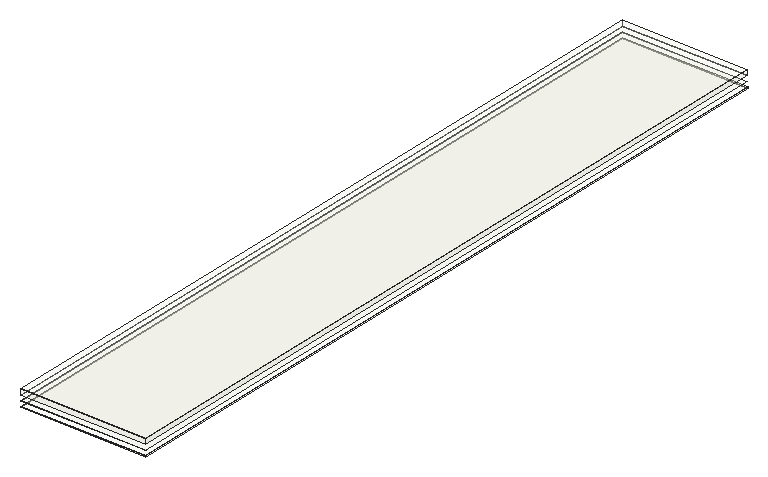
Revit family "BMDS_FAIR_Trilite Ultra 45 Energysaver (1)", category Windows, host Face, Revit 2015
Parameters (values of type "ES 1.9")
  Width = 1000 mm
  WeightOuter = 4.50 kg/m²  # constant formula
  WeightInner = 1.83 kg/m²  # constant formula
  WarrantyStartDate [instance] = "1900-12-31T23:59:59"
  WarrantyGuarantorParts = "n/a"
  WarrantyGuarantorLabour = "n/a"
  WarrantyDurationUnit = "year"
  WarrantyDurationParts = "n/a"
  WarrantyDurationLabour = "n/a"
  WarrantyDescription = "n/a"
  Visual Light Transmittance = VisibleLightTransmittance  # 0.56
  VisibleLightTransmittance = 0.56
  VisibleLightReflectance = 0
  Version = "1.0"
  Uniclass2 = "Pr_30_59_72_30"
  UV Protection = "Superlife™ surface protection and UV stabilised resin system to protect against discolourationand degradation to prevent significant discolouration for at least 20 years. Performance proven by accelerated weathering test showing delta E less than 10 and light transmission reduced  by less than 12% after 3000 hours exposure to QUV testing, comprising cycles of 4 hours of UVA340nm at 60°C and 4 hours condensation at 40°C."  # constant formula
  URL = "http://www.brettmartin.com/en-gb/daylight-systems/about-us.aspx"
  TotalSolarTransmittance (GValue) = 0.52
  ThermalTransmittanceWinter = 0
  ThermalTransmittanceSummer = 0
  ThermalTransmittance = 1.9
  TagNumber [instance] = "n/a"
  SystemManufacturer = Manufacturer  # "Brett Martin Daylight Systems Ltd"
  SustainabilityPerformance = "n/a"
  SolarTransmittance = 0
  SolarReflectance = 0
  SolarHeatGainTransmittance = 0
  SolarAbsorption = 0
  SmokeStop = no
  Size = ""
  Shape = "Corrugated"  # constant formula
  ShadingCoefficient = 0.59
  SeviceLifeDuration = 30  # constant formula
  SerialNumber [instance] = "n/a"
  SecurityRating = "n/a"
  Rough Width = Width  # 1000 mm
  Rough Height = Height  # 135 mm
  Rooflight Outer = Rooflight Outer : Trilite Ultra 45 GRP
  Rooflight Liner = Rooflight Liner : Trilite FAIR liner
  Rooflight Imtermediate = Rooflight Intermediate : Energysaver Membrane
  Roof Thickness = 400 mm
  ReplacementCost = "n/a"
  Reflectivity = 0
  Reference = "n/a"
  ProfileName = ""
  Process = "Replacement at service life intervals"
  PredefinedType = "BrettMartin_T45_Energysaver_FAIR_1000_135"  # constant formula
  Perimeter = Length * 2 + Width * 2  # 14000 mm
  O&MManual = "BMDS COSHH 02 - GRP FAIRs"  # constant formula
  NominalWidth = Width  # 1000 mm
  NominalLength = Length  # 6000 mm
  NominalHeight = Height  # 135 mm
  NetVolume = 135.00 m³
  Name = "RooflightSystem_FAIR_BMDS"
  NBSReference = "20-25-75/170"
  NBSDescription = "Rooflight system"
  ModelReference = "FAIR"
  ModelNumber = "n/a"
  ModelLabel = PredefinedType  # "BrettMartin_T45_Energysaver_FAIR_1000_135"
  MethodOfMeasurement = PredefinedType  # "BrettMartin_T45_Energysaver_FAIR_1000_135"
  Material = "GRP"  # constant formula
  ManufacturerURL = "http://www.brettmartin.com"
  Manufacturer = "Brett Martin Daylight Systems Ltd"  # constant formula
  Length = 6000 mm
  Layername = "BrettMartin_T45_Energysaver_FAIR"
  IsWired = no
  IsTempered = no
  IsLaminated = no
  IsExternal = yes
  IsCoated = no
  Intermediate Position = 50 mm
  InstallationInstructions = "To be fully fixed in accordance with BMDS Technical Bulletin 124."  # constant formula
  InstallationDate [instance] = "1900-12-31T23:59:59"
  Infiltration = 0
  IfcExportType = "SKYLIGHT"
  IfcExportAs = "IfcWindowStyle"
  Height = 135 mm
  GrossVolume = NominalLength * NominalWidth * NominalHeight  # 0.81 m³
  GrossArea = NominalLength * NominalWidth  # 6.00 m²
  Grade = "n/a"
  GlazingAreaFraction = 0
  GlassThickness3 = 0 mm
  GlassThickness2 = 0 mm
  GlassThickness1 = 0 mm
  GlassLayers = 0
  GlassColour = "n/a"
  FragilityClass = "To be Class B non-fragile to ACR[M]001 and to withstand loads typical of accidental foot traffic or a falling person without damage, when fully fixed.  Expected period of non-fragility to be 25 years, in accordance with NARM Technical Document NTD03."  # constant formula
  FireRating = "Outer- SAB (to BS476 Pt3). Inner-Class 1 (to BS476 Pt7) [alternative fire ratings available]"  # constant formula
  Finish = "n/a"
  FillGas = "n/a"
  Features = "Various layer options"
  FFactor = 0.8
  ExpectedLife = "30 Years"
  DurationUnit = "year"
  Documentation = "http://www.brettmartin.com/en-gb/daylight-systems/about-us.aspx"
  DocumentReference = "http://www.brettmartin.com/en-gb/daylight-systems/about-us.aspx"
  Description = Construction Type  # "Trilite_Energysaver_FAIR"
  Default Elevation = 0 mm
  Construction Type = "Trilite_Energysaver_FAIR"
  Constituents = "n/a"
  Color = "Natural clear translucent"
  CodePerformance = "n/a"
  Category = "n/a"
  BeamRadiationTransmittance = 0
  BarCode [instance] = "n/a"
  BREGreenGuideRating = "TBC"
  BRECertifiedEnvironmentalProfileEmbodiedCarbon = 0.00 kg/m²
  BREApprovedEnvironmentalProfileEcopointScore = 0
  BIMObjectName = "BrettMartin_RooflightSystem_FAIR"  # constant formula
  BBACertificateNo = "04/4114"  # constant formula
  Author = "BMDS"  # constant formula
  AssetType = "Fixed"
  AssetIdentifier [instance] = "n/a"
  AcousticRating = "30 dB (approx sound attenuation)"  # constant formula
  AccessibilityPerformance = "n/a"
Types (5, lengths in mm): name | Visual Light Transmittance | VisibleLightTransmittance | TotalSolarTransmittance (GValue) | ThermalTransmittance | ShadingCoefficient | Rooflight Imtermediate
  (no name) | 0.56 | 0.56 | 0.52 | 1.9 | 0.59 | Rooflight Intermediate : Energysaver Membrane
  ES 1.9 | 0.56 | 0.56 | 0.52 | 1.9 | 0.59 | Rooflight Intermediate : Energysaver Membrane
  ES 1.3 | 0.51 | 0.51 | 0.46 | 1.3 | 0.53 | Rooflight Intermediate : 1 x Cleartherm
  ES 1.0 | 0.46 | 0.46 | 0.41 | 1 | 0.47 | Rooflight Intermediate : 2 x Cleartherm (No Gap)
  ES 0.9 | 0.49 | 0.49 | 0.38 | 0.9 | 0.44 | Rooflight Intermediate : 2 x Cleartherm (Gap)
Reference planes
  plane 1 "Center (Front/Back)": y = 0
  plane 2: z = 0
  plane 3 "Center (Left/Right)": x = 0
  plane 4: x = -500
  plane 5: x = 500
  plane 6: y = -3000
  plane 7: y = 3000
  plane 8: z = -400
  plane 9: z = -85
  plane 10 "Inner": z = -135
Forms (mm)
  Extrusion 1, void
    sketch origin (0, 0, 0) x (1, 0, 0) y (0, 1, 0)
      loop
        line (-500, 3000) -> (-500, -3000) -> (500, -3000) -> (500, 3000) -> (-500, 3000)
    from -400 to 0
Lines and regions (mm)
  model lines, style "WindowsGlassProjection"
    curve 1: line (-166.667, 3000, 0) -> (-166.667, -3000, 0)
    curve 2: line (166.667, 3000, 0) -> (166.667, -3000, 0)
Dimensions and locks
  equal spacing: plane 7, plane 1 "Center (Front/Back)", plane 6
  "Length": plane 7 to plane 6
  equal spacing: plane 4, plane 3 "Center (Left/Right)", plane 5
  "Width": plane 4 to plane 5
  "Roof Thickness": plane 2 to plane 8
  "Height": plane 2 to plane 10 "Inner"
  "Intermediate Position": plane 9 to plane 10 "Inner"
  equal spacing: plane 4, curve 1, curve 2, plane 5
  aligned and locked: plane 2 to host face
  aligned and locked: level to host face
  aligned and locked: Extrusion 1 sketch curve to plane 7
  aligned and locked: Extrusion 1 sketch curve to plane 5
  aligned and locked: plane 6 to Extrusion 1 sketch curve
  aligned and locked: Extrusion 1 to plane 8
  aligned and locked: Extrusion 1 to plane 2
  aligned and locked: nested 1 to plane 3 "Center (Left/Right)"
  aligned and locked: nested 1 to plane 1 "Center (Front/Back)"
  aligned and locked: plane 1 "Center (Front/Back)" to nested 2
  aligned and locked: nested 2 to plane 3 "Center (Left/Right)"
  aligned and locked: plane 9 to nested 2
  aligned and locked: nested 3 to plane 3 "Center (Left/Right)"
  aligned and locked: plane 1 "Center (Front/Back)" to nested 3
  aligned and locked: nested 1 to plane 10 "Inner"
  aligned and locked: plane 6 to curve 2
  aligned and locked: plane 6 to curve 1
  aligned and locked: plane 7 to curve 2
  aligned and locked: plane 7 to curve 1
Automatic sketch dimensions
  host sketch curve to host sketch curve = 3034.609 mm
  host sketch curve to host sketch curve = 7650.986 mm
  plane 4 to Extrusion 1 sketch curve = 0 mm
Nested families
  nested 1: "Rooflight Liner" at (0, 0, -125) x (-1, 0, 0) z (0, 0, 1), Length <- "Length", Width <- "Width", type "Trilite FAIR liner"
    with Width 1000 mm, Length 6000 mm, Thickness 10 mm
  nested 2: "Rooflight Intermediate" at (0, 0, -85), Width <- "Width", Length <- "Length", type <- "Rooflight Imtermediate", type "Energysaver Membrane"
    with Width 1000 mm, Length 6000 mm
  nested 3: "Rooflight Outer" at (0, 0, 0), Width <- "Width", Length <- "Length", type <- "Rooflight Outer", type "Trilite Ultra 45 GRP"
    with Width 1000 mm, Length 6000 mm, Thickness 45.017 mm
Definition of nested family "Rooflight Liner"
  Parameters
    Width [instance] = 1000 mm
    Thickness = 45.017 mm
    Rooflight Liner = none
    Length [instance] = 1000 mm
  Reference planes
    plane 1 "Center (Front/Back)": y = 0
    plane 2: z = 0
    plane 3 "Center (Left/Right)": x = 0
    plane 4: x = -500
    plane 5: x = 500
    plane 6: y = 500
    plane 7: y = -500
    plane 8: z = -45.017
  Forms (mm)
    Extrusion 1, solid, material <- "Rooflight Liner"
      sketch origin (0, 0, 0) x (1, 0, 0) y (0, 1, 0)
        loop
          line (-500, 500) -> (-500, -500) -> (500, -500) -> (500, 500) -> (-500, 500)
      from -45.017 to 0
  Dimensions and locks
    equal spacing: plane 7, plane 1 "Center (Front/Back)", plane 6
    "Length": plane 7 to plane 6
    equal spacing: plane 4, plane 3 "Center (Left/Right)", plane 5
    "Width": plane 4 to plane 5
    "Thickness": plane 2 to plane 8
    aligned and locked: level to plane 2
    aligned and locked: Extrusion 1 to plane 8
  Automatic sketch dimensions
    Extrusion 1 sketch curve to plane 4 = 0 mm
    Extrusion 1 sketch curve to plane 5 = 0 mm
    plane 7 to Extrusion 1 sketch curve = 0 mm
    plane 6 to Extrusion 1 sketch curve = 0 mm
Definition of nested family "Rooflight Intermediate"
  Parameters
    Width [instance] = 1000 mm
    Thickness = 5 mm
    Length [instance] = 1000 mm
    Intermediate Material = none
  Reference planes
    plane 1 "Center (Front/Back)": y = 0
    plane 2: z = 0
    plane 3 "Center (Left/Right)": x = 0
    plane 4: x = -500
    plane 5: x = 500
    plane 6: y = 500
    plane 7: y = -500
    plane 8: z = -5
  Forms (mm)
    Extrusion 1, solid, material <- "Intermediate Material"
      sketch origin (0, 0, 0) x (1, 0, 0) y (0, 1, 0)
        loop
          line (-500, 500) -> (-500, -500) -> (500, -500) -> (500, 500) -> (-500, 500)
      from -5 to 0
  Dimensions and locks
    equal spacing: plane 7, plane 1 "Center (Front/Back)", plane 6
    "Length": plane 7 to plane 6
    equal spacing: plane 4, plane 3 "Center (Left/Right)", plane 5
    "Width": plane 4 to plane 5
    "Thickness": plane 2 to plane 8
    aligned and locked: level to plane 2
    aligned and locked: Extrusion 1 to plane 8
  Automatic sketch dimensions
    Extrusion 1 sketch curve to plane 4 = 0 mm
    Extrusion 1 sketch curve to plane 5 = 0 mm
    plane 7 to Extrusion 1 sketch curve = 0 mm
    plane 6 to Extrusion 1 sketch curve = 0 mm
Definition of nested family "Rooflight Outer"
  Parameters
    Width [instance] = 1000 mm
    Thickness = 10 mm
    Rooflight Outer = none
    Length [instance] = 1000 mm
  Reference planes
    plane 1 "Center (Front/Back)": y = 0
    plane 2: z = 0
    plane 3 "Center (Left/Right)": x = 0
    plane 4: x = -500
    plane 5: x = 500
    plane 6: y = 500
    plane 7: y = -500
    plane 8: z = -10
  Forms (mm)
    Extrusion 1, solid, material <- "Rooflight Outer"
      sketch origin (0, 0, 0) x (1, 0, 0) y (0, 1, 0)
        loop
          line (-500, 500) -> (-500, -500) -> (500, -500) -> (500, 500) -> (-500, 500)
      from -10 to 0
  Dimensions and locks
    equal spacing: plane 7, plane 1 "Center (Front/Back)", plane 6
    "Length": plane 7 to plane 6
    equal spacing: plane 4, plane 3 "Center (Left/Right)", plane 5
    "Width": plane 4 to plane 5
    "Thickness": plane 2 to plane 8
    aligned and locked: level to plane 2
    aligned and locked: Extrusion 1 to plane 8
  Automatic sketch dimensions
    Extrusion 1 sketch curve to plane 4 = 0 mm
    Extrusion 1 sketch curve to plane 5 = 0 mm
    plane 7 to Extrusion 1 sketch curve = 0 mm
    plane 6 to Extrusion 1 sketch curve = 0 mm
